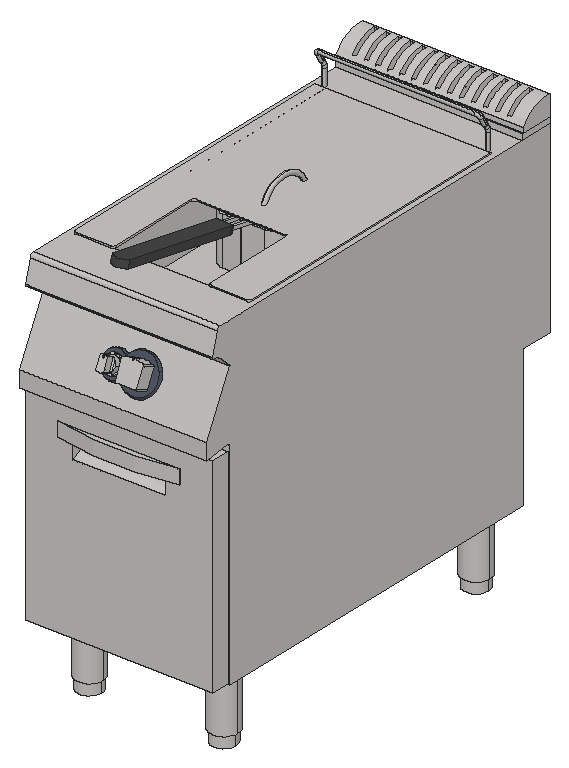
Revit family "QF_ZANUSSI_392077_Z9FRGD1GF0", category Specialty Equipment, Revit 2018 (continued)
Automatic sketch dimensions
  curve 56 to curve 55 = 16.193 mm
  curve 54 to curve 53 = 9.296 mm
  curve 53 to curve 50 = 16.193 mm
  curve 50 to curve 50 = 9.296 mm
  plane 15 to curve 11 = 47.563 mm
  curve 10 to plane 13 = 19.007 mm
  plane 15 to curve 10 = 41.213 mm
  curve 9 to curve 9 = 6.272 mm
  curve 49 to curve 46 = 16.193 mm
  curve 46 to curve 45 = 9.296 mm
  plane 15 to curve 112 = 24 mm
  plane 15 to curve 43 = 8.487 mm
  curve 40 to plane 15 = 0.809 mm
  curve 22 to plane 15 = 2.911 mm
  curve 41 to curve 38 = 16.193 mm
  curve 23 to plane 15 = 24.082 mm
  curve 23 to curve 24 = 0.475 mm
  curve 36 to curve 36 = 9.296 mm
  curve 98 to curve 95 = 2.65 mm
  curve 95 to curve 97 = 1.398 mm
  curve 95 to curve 93 = 3.999 mm
  plane 3 "LEFT" to curve 7 = 17.965 mm
  curve 108 to curve 108 = 9.722 mm
  plane 1 "BACK" to curve 87 = 6.761 mm
  plane 1 "BACK" to curve 75 = 6.761 mm
  plane 1 "BACK" to curve 67 = 6.761 mm
  plane 1 "BACK" to curve 63 = 6.761 mm
  plane 1 "BACK" to curve 51 = 6.761 mm
  plane 1 "BACK" to curve 47 = 6.761 mm
  plane 1 "BACK" to curve 43 = 6.761 mm
  plane 1 "BACK" to curve 39 = 6.761 mm
  curve 52 to curve 53 = 57.15 mm
  curve 76 to curve 78 = 57.15 mm
  curve 75 to curve 77 = 0 mm
  curve 78 to curve 81 = 0 mm
  curve 71 to curve 73 = 0 mm
  curve 67 to curve 69 = 0 mm
  curve 82 to curve 91 = 0 mm
  curve 36 to curve 37 = 57.15 mm
  curve 63 to curve 65 = 0 mm
  curve 38 to curve 41 = 0 mm
  curve 59 to curve 61 = 0 mm
  curve 82 to curve 85 = 0 mm
  curve 42 to curve 45 = 0 mm
  curve 46 to curve 49 = 0 mm
  plane 12 to curve 92 = 7.219 mm
  plane 12 to curve 101 = 7.219 mm
  curve 93 to curve 108 = 8.085 mm
  curve 100 to curve 17 = 8.085 mm
  curve 92 to curve 98 = 10.528 mm
  curve 99 to curve 105 = 10.528 mm
  curve 105 to curve 103 = 2.87 mm
  curve 98 to curve 96 = 2.87 mm
  curve 96 to curve 95 = 3.923 mm
  curve 102 to curve 104 = 0.8 mm
  curve 95 to curve 97 = 0.8 mm
  curve 23 to curve 24 = 8.014 mm
  plane 8 "Center X" to curve 21 = 51.156 mm
  curve 20 to plane 8 "Center X" = 55.62 mm
  curve 19 to curve 12 = 59.576 mm
  curve 106 to curve 30 = 44.087 mm
  curve 35 to curve 28 = 3.381 mm
  curve 30 to curve 29 = 3.39 mm
  curve 15 to plane 13 = 19.182 mm
  curve 16 to plane 13 = 19.075 mm
  plane 23 to curve 115 = 27 mm
  plane 23 to curve 111 = 18.279 mm
  curve 111 to curve 110 = 3.043 mm
  plane 23 to curve 28 = 3.092 mm
  plane 5 "FRONT" to curve 22 = 157.443 mm
  curve 107 to curve 16 = 0 mm
  curve 22 to curve 114 = 5.76 mm
  curve 143 to curve 28 = 40.153 mm
  curve 30 to curve 106 = 0.579 mm
  curve 106 to curve 33 = 5.857 mm
  curve 31 to plane 7 "Center Y" = 9.874 mm
  curve 31 to curve 32 = 5.857 mm
  curve 29 to curve 142 = 8.611 mm
  curve 90 to curve 25 = 7.979 mm
  curve 109 to curve 98 = 2.442 mm
  curve 107 to plane 13 = 12.735 mm
  curve 111 to curve 110 = 3.111 mm
  curve 145 to plane 23 = 0 mm
  radius of Sweep 4 sketch curve = 4.353 mm
  radius of Sweep 15 sketch curve = 4 mm
  radius of Extrusion 16 sketch curve = 6.35 mm
  radius of Extrusion 19 sketch curve = 20 mm
  radius of Split face 1 sketch curve = 1 mm
  radius of Split face 2 sketch curve = 1 mm
  radius of Split face 3 sketch curve = 1 mm
  radius of Split face 4 sketch curve = 1 mm
  radius of Split face 5 sketch curve = 1 mm
  radius of Split face 6 sketch curve = 1 mm
  radius of Split face 7 sketch curve = 1 mm
  radius of Split face 8 sketch curve = 1 mm
  radius of Split face 9 sketch curve = 1 mm
  radius of Split face 10 sketch curve = 1 mm
  radius of Split face 11 sketch curve = 1 mm
  radius of Split face 12 sketch curve = 1 mm
  radius of Split face 13 sketch curve = 1 mm
  radius of Split face 14 sketch curve = 1 mm
  radius of Split face 15 sketch curve = 1 mm
  radius of Split face 16 sketch curve = 1 mm
  radius of Split face 17 sketch curve = 1 mm
  radius of Split face 18 sketch curve = 1 mm
  radius of Split face 19 sketch curve = 1 mm
  radius of Split face 20 sketch curve = 1 mm
  radius of Split face 21 sketch curve = 1 mm
  radius of Split face 22 sketch curve = 1 mm
  radius of Split face 23 sketch curve = 1 mm
  radius of Split face 24 sketch curve = 1 mm
  radius of Split face 25 sketch curve = 1.508 mm
  radius of Split face 26 sketch curve = 1.343 mm
  radius of Extrusion 21 sketch curve = 16 mm
Connectors
  piping at (355, -715, 135), diameter 12.8
    settings: on Extrusion 16, index 1, connector inside diameter 0.50394", connector length 0 mm, flow factor 0, pipe flow 0 GPM, pressure drop 0.00 psi, fitting loss kfactor 0, connector angle 0.00°, fixture units 0, engagement length 0 mm, angle of deflection 0.00°, flow configuration 1, flow direction 1, fitting loss method 0, system type 7, joint type 0, gender type 0, connector reference index -1, connector utility 0, adjustable connector no, is connector primary yes, connector description "GAS CONNECTION"
